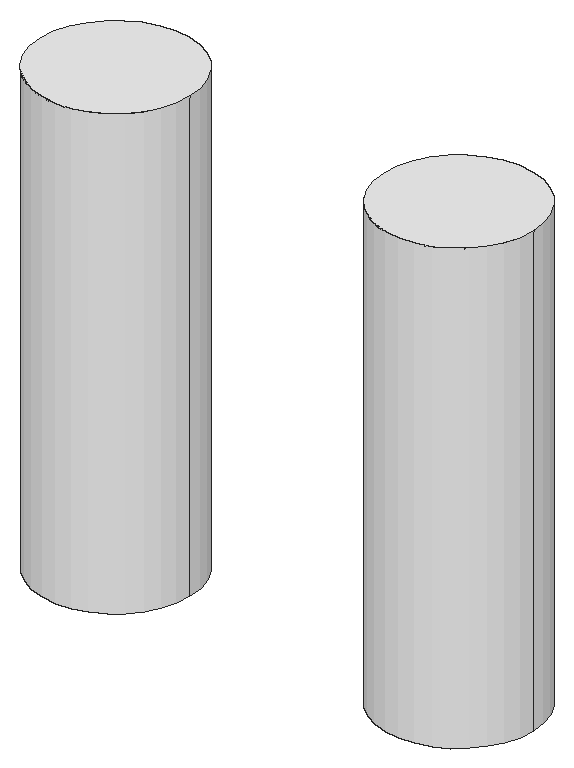
Revit family "514822930006(2022)", category Plumbing Fixtures, Revit 2018
Family settings
  Round Connector Dimension = Use Diameter
  Part Type = Normal
  OmniClass Number = 23.45.55.00
  OmniClass Title = Sanitary Faucets, Wastes
  Work Plane-Based = No
  Always vertical = Yes
  Cut with Voids When Loaded = No
  Shared = No
  Room Calculation Point = No
Parameters (values of type "514822930006 Kitchen faucet ")
  WorkingPressure = "50 - 1000 kPa"
  Working Pressure = "50 - 1000 kPa"
  WarrantyStartDate [instance] = "n/a"
  WarrantyGuarantorParts = "n/a"
  WarrantyGuarantorLabor = "n/a"
  WarrantyDurationUnit = "Year"
  WarrantyDurationParts = "n/a"
  WarrantyDurationLabor = "n/a"
  WarrantyDescription = "http://warranty.hansa.com"
  Warranty Information URL = "http://warranty.hansa.com"
  VersionDate = "01/07/2022"
  Version = "2"  # constant formula
  ValvePattern = "n/a"
  ValveOperation = "n/a"
  ValveMechanism = "n/a"
  Uniclass2015Reference = "Pr_40_20_87_96"
  Uniclass2015Description = "Washbasin manual water supply sets"
  Uniclass2 = "Pr_40_30_96_96"
  URL REACH = "http://static.hansa.com/doc/reach"
  URL KIWA = "http://static.hansa.com/Kiwa/514822930006"
  URL Declaration of Conformity = "http://static.hansa.com/DoC/514822930006"
  URL DVGW = "http://static.hansa.com/DVGW/514822930006"
  URL = ""
  UNSPSC Class Number = "30181700 Faucets or taps"
  TestPressure = "n/a"
  Temperature Adjustments = "Limitation option for maximum temperature and flow-rate "
  Temperature = "Temperature limiter"
  Technical DataSheet URL = "http://www.hansa.com/datasheet/514822930006/en"
  TagNumber [instance] = "n/a"
  SustainabilityPerformance = "n/a"
  Surface treatment = "Chrome"
  Spout Type = "Swivel spout"
  Spout Swivel Range = "120° (80° / 40°)"
  Spout Projection = "215 mm"
  Spare-Part Information URL = "http://static.hansa.com/sp/514822930006"
  Size = "51x255x168 mm"
  Shape = "Sculptured"
  SerialNumber [instance] = "n/a"
  Sales Package dimensions (LxWxH) = "362 x 278 x 63"
  Revision = "2"  # constant formula
  ReplacementCost = "n/a"
  ProductInformation = "Kitchen faucet with swivel spout and aerator"
  Product URL = "http://static.hansa.com/514822930006"
  Product Image URL = "http://static.hansa.com/image/514822930006"
  Product Family = "HANSAPOLO Eco"
  Product Code = "514822930006"
  OperatingMechanismMaterial = "n/a"
  NominalWidth = 51 mm
  NominalHeight = 168 mm
  NominalDepth = 255 mm
  Noise Class = "I (ISO 3822)"
  Name_en = "514822930006 Kitchen faucet"
  Name = "514822930006 Kitchen faucet"
  NBSReference = "45-35-70/371"
  NBSDescription = "Water supply fittings for wash basins and troughs"
  Mounting Holes = "1 hole"
  ModelReference = "514822930006"
  ModelNumber = "n/a"
  Model = "514822930006 Kitchen faucet"
  Mobile Product Information URL = "http://mpi.hansa.com/514822930006"
  Mechanical Parts = "ø 35 mm ceramic cartridge for flow and temperature control"
  Max. Hot Water Supply = 70 °C
  Material = "Brass"
  Market = "International;Germany;Austria;Belgium;Netherlands;Czech Republic;Slovakia;Italy"
  ManufacturerURL = "http://www.hansa.com"
  ManufacturerName = "HANSA"
  Manufacturer = "HANSA"
  Lever Handle = "Single operating lever/handle;Hot/Cold symbols"
  Interactive AR View URL = "https://static.hansa.com/AR/514822930006"
  InstallationDate [instance] = "n/a"
  Installation and Maintenance Guide URL = "http://static.hansa.com/manual/514822930006"
  Installation Type = "Deck mounted"
  InletConnectionSize = 10 mm
  IfcExportType = "FAUCET"  # constant formula
  IfcExportAs = "IfcValveType"  # constant formula
  Group = "Kitchen faucet"
  Grade = "n/a"
  FlowCoefficient = 0
  Flow Rate At 300kPa With Flow Controller = 0.01 L/s
  Flow Rate At 300kPa = 0.01 L/s
  Flow Drawing URL = "http://static.hansa.com/flowchart/514822930006"
  Finish = "Polished"
  Features = "Single-lever"
  FaucetMainMaterial = Brass
  FDV Document URL = "http://www.hansa.com/datasheet/514822930006/en/fdv"
  ExpectedLife = "n/a"
  ETIM Class Number = "EC011431 Kitchen mixing tap"
  EN Standard = "EN 817"
  EAN Number = "4057304018459"
  DurationUnit = "Year"
  Dimension Drawing URL = "http://static.hansa.com/dimdrw/514822930006"
  Description = "Kitchen faucet with swivel spout and aerator"
  DefaultElevation [instance] = 900 mm
  Constituents = "Single lever, swivel spout, aerator, temperature limiter"
  Connection Size = "G3/8"
  Connection = "Flexible inlet pipes"
  Color = "Chrome"
  CodePerformance = "n/a"
  CloseOffRating = 0
  Catalog Drawing URL = "http://static.hansa.com/catdrw/514822930006"
  Brand = "HANSA"
  BodyMaterial = "Brass"
  Barcode [instance] = "n/a"
  Backflow Prevention EN1717 = "AA"
  BIMObjectName = "514822930006(2022)"
  Author = "BIMStone"
  AssetType = "Fixed"
  AssetIdentifier [instance] = "n/a"
  Approval KIWA = "K6116/08"
  Approval DVGW = "NW-6506BP0361"
  Aerator = "Standard aerator"
  Advanced Features = "Inner body made of DZR brass"
  AccessibilityPerformance = "n/a"
  3D View = "https://static.hansa.com/3D/514822930006"
  2D/3D/BIM Files URL = "http://static.hansa.com/bim/514822930006"
Reference planes
  plane 1 "Center (Front/Back)": y = 0
  plane 2: z = 0
  plane 3 "Center (Left/Right)": x = 0
  plane 4: x = -25.5
  plane 5: z = 1068
  plane 6: z = 900
  plane 7: z = 870
  plane 8: y = -255
  plane 9: x = 25.5
Forms (mm)
  Extrusion 1, solid, material "Brass" <- "FaucetMainMaterial"
    sketch origin (0, 0, 0) x (1, 0, 0) y (0, 1, 0)
      loop
        circle (-11.5, -22.5) r 5
      loop
        circle (11.5, -22.5) r 5
    from 870 to 900
Dimensions and locks
  "NominalHeight": plane 5 to plane 6
  "DefaultElevation": plane 6 to level
  locked: plane 6 to plane 7 at 30
  "NominalDepth": plane 8 to plane 1 "Center (Front/Back)"
  equal spacing: plane 4, plane 3 "Center (Left/Right)", plane 9
  "NominalWidth": plane 4 to plane 9
  "InletConnectionSize": diameter of Extrusion 1 sketch curve  (x2)
  aligned and locked: level to plane 2
  aligned and locked: plane 6 to Extrusion 1
  aligned and locked: Extrusion 1 to plane 7
  aligned and locked: plane 3 "Center (Left/Right)" to nested 2
  aligned and locked: plane 1 "Center (Front/Back)" to nested 2
  aligned and locked: plane 6 to nested 2
Automatic sketch dimensions
  Extrusion 1 sketch curve to plane 3 "Center (Left/Right)" = 11.5 mm
  plane 3 "Center (Left/Right)" to Extrusion 1 sketch curve = 11.5 mm
  plane 1 "Center (Front/Back)" to Extrusion 1 sketch curve = 22.5 mm  (x2)
Nested families
  nested 1: "Symbol" at (0, 0, 0), type "Symbol", detail levels coarse
  nested 2: "514822930006(2022)_p" at (0, 0, 900), Material <- "FaucetMainMaterial", type "514822930006(2022)_p"
    with Material Brass
Connectors
  piping at (-11.5, -22.5, 870), diameter 10, driven by "InletConnectionSize"
    settings: on Extrusion 1, index 1, connector inside diameter 609.6 mm, connector length 0 mm, flow factor 0, pipe flow 0.0 L/s, pressure drop 0.0 Pa, fitting loss kfactor 0, connector angle 0.00°, fixture units 0, engagement length 0 mm, angle of deflection 0.00°, flow configuration 1, flow direction 1, fitting loss method 0, system type 19, joint type 0, gender type 0, connector reference index -1, connector utility 0, adjustable connector no, is connector primary yes, connector description ""
  piping at (11.5, -22.5, 870), diameter 10, driven by "InletConnectionSize"
    settings: on Extrusion 1, index 2, connector inside diameter 609.6 mm, connector length 0 mm, flow factor 0, pipe flow 0.0 L/s, pressure drop 0.0 Pa, fitting loss kfactor 0, connector angle 0.00°, fixture units 0, engagement length 0 mm, angle of deflection 0.00°, flow configuration 1, flow direction 1, fitting loss method 0, system type 20, joint type 0, gender type 0, connector reference index -1, connector utility 0, adjustable connector no, is connector primary no, connector description ""
Definition of nested family "Symbol"
  Reference planes
    plane 1: y = 0
    plane 2: x = 0
  Lines and regions (mm)
    detail lines
      curve 1: line (0, 0, 0) -> (0, -1.8, 0)
      curve 2: line (-0.4, -1.1, 0) -> (0.4, -1.1, 0)
      curve 3: line (-0.4, -1.4, 0) -> (0.4, -1.4, 0)
      curve 4: line (0.863, 0, 0) -> (-0.863, 0, 0)
      curve 5: circle (-1.163, 0, 0) r 0.3 normal (0, 0, -1)
      curve 6: circle (1.163, 0, 0) r 0.3 normal (0, 0, 1)
Definition of nested family "514822930006(2022)_p"
  Parameters (values of type "514822930006(2022)_p")
    Material [instance] = none
  Reference planes
    plane 1 "Center (Front/Back)": y = 0
    plane 2: z = 0
    plane 3 "Center (Left/Right)": x = 0
    plane 4: x = -25.5
    plane 5: z = 168
    plane 6: z = 0
    plane 7: y = -255
    plane 8: x = 25.5
  Forms (mm)
    Extrusion 1, solid, material <- "Material", detail levels medium
      sketch origin (0, 0, -900) x (0, 1, 0) y (0, 0, 1)
        loop
          line (0, 900) -> (0, 1058.08) -> (-61.322, 1065.36) -> (-111.697, 1068)
          arc (-111.697, 1068) -> (-112.791, 1067.626) -> (-113.167, 1066.532) r 1.316
          line (-113.167, 1066.532) -> (-112.909, 1064.448)
          arc (-112.909, 1064.448) -> (-111.629, 1061.855) -> (-109.013, 1060.622) r 4.388
          line (-109.013, 1060.622) -> (-51, 1054.525) -> (-51, 993.034)
          arc (-51, 993.034) -> (-52.761, 993.574) -> (-54.465, 994.275) r 19.937
          line (-54.465, 994.275) -> (-135.431, 1032.03)
          arc (-135.431, 1032.03) -> (-162.315, 1042.283) -> (-190.393, 1048.572) r 200
          line (-190.393, 1048.572) -> (-248.818, 1057.304)
          arc (-248.818, 1057.304) -> (-251.086, 1056.882) -> (-252.314, 1054.93) r 2.875
          line (-252.314, 1054.93) -> (-255, 1037.009) -> (-252.234, 1036.594) -> (-252.899, 1032.154) -> (-229.163, 1028.596) -> (-228.347, 1034.037) -> (-193.277, 1028.781)
          arc (-193.277, 1028.781) -> (-168.045, 1023.121) -> (-143.883, 1013.904) r 180
          line (-143.883, 1013.904) -> (-51, 970.592) -> (-51, 900) -> (0, 900)
      from 25.5 to -25.5
    Extrusion 2, solid, detail levels coarse
      sketch origin (0, 0, -900) x (1, 0, 0) y (0, 1, 0)
        loop
          line (-25.5, 0) -> (-25.5, -255) -> (25.5, -255) -> (25.5, 0) -> (-25.5, 0)
      from 900 to 1068
  Lines and regions (mm)
    symbolic lines, detail levels medium+fine
      curve 1: line (0, 0, 0) -> (0, -51, 0)
      curve 2: line (0, -51, 0) -> (0, -51, 47.5)
      curve 3: line (0, -50.702, 70.453) -> (0, -143.883, 113.904)
      curve 4: arc (0, -143.883, 113.904) -> (0, -168.045, 123.121) -> (0, -193.277, 128.781) r 180
      curve 5: line (0, -193.277, 128.781) -> (0, -225.171, 133.561)
      curve 6: line (0, -229.163, 128.596) -> (0, -228.497, 133.037)
      curve 7: line (0, -252.234, 136.594) -> (0, -252.899, 132.154)
      curve 8: line (0, -252.899, 132.154) -> (0, -229.163, 128.596)
      curve 10: line (0, -225.321, 132.561) -> (0, -225.171, 133.561)
      curve 11: line (0, -252.234, 136.594) -> (0, -255, 137.009)
      curve 12: line (0, -255, 137.009) -> (0, -252.314, 154.93)
      curve 13: arc (0, -252.314, 154.93) -> (0, -251.086, 156.882) -> (0, -248.818, 157.304) r 2.875
      curve 14: line (0, -248.818, 157.304) -> (0, -190.393, 148.572)
      curve 15: arc (0, -190.393, 148.572) -> (0, -162.315, 142.283) -> (0, -135.431, 132.03) r 200
      curve 16: line (0, -135.431, 132.03) -> (0, -54.465, 94.275)
      curve 17: arc (0, -54.465, 94.275) -> (0, -52.475, 93.474) -> (0, -50.41, 92.892) r 19.937
      curve 18: line (0, -50.007, 123.96) -> (0, -50.41, 92.892)
      curve 19: line (0, -50.702, 70.453) -> (0, -51, 47.5)
      curve 20: line (0, 0, 0) -> (0, 0, 47.5)
      curve 21: line (0, -0.993, 123.96) -> (0, 0, 47.5)
      curve 23: line (0, -228.497, 133.037) -> (0, -225.321, 132.561)
      curve 24: line (0, -0.993, 123.96) -> (0, -2.721, 123.96)
      curve 25: line (0, -49.846, 126.8) -> (0, -48.006, 126.8)
      curve 27: line (0, -48.304, 123.96) -> (0, -48.006, 126.8)
      curve 28: arc (0, -6.504, 135.604) -> (0, -3.769, 130.056) -> (0, -2.721, 123.96) r 21.584
      curve 29: line (0, -49.846, 126.8) -> (0, -48.267, 149.382)
      curve 30: arc (0, -48.267, 149.382) -> (0, -49.483, 153.016) -> (0, -52.912, 154.725) r 5.006
      curve 31: line (0, -52.912, 154.725) -> (0, -109.013, 160.622)
      curve 32: arc (0, -109.013, 160.622) -> (0, -111.629, 161.855) -> (0, -112.909, 164.448) r 4.388
      curve 33: line (0, -112.909, 164.448) -> (0, -113.167, 166.532)
      curve 34: arc (0, -113.167, 166.532) -> (0, -112.791, 167.626) -> (0, -111.697, 168) r 1.316
      curve 35: line (0, -111.697, 168) -> (0, -61.322, 165.36)
      curve 36: line (0, -61.322, 165.36) -> (0, -4.446, 158.607)
      curve 37: arc (0, -4.446, 158.607) -> (0, -3.316, 157.974) -> (0, -2.965, 156.728) r 1.691
      curve 38: line (0, -2.965, 156.728) -> (0, -1.647, 137.869)
      curve 39: line (0, -6.504, 135.604) -> (0, -1.647, 137.869)
      curve 41: line (0, -48.304, 123.96) -> (0, -50.007, 123.96)
      curve 43: line (25.5, 0, 0) -> (-25.5, 0, 0)
      curve 44: line (-25.5, 0, 0) -> (-25.5, 0, 47.56)
      curve 45: line (-25.5, 0, 47.56) -> (-24.495, 0, 123.96)
      curve 46: line (-24.362, 0, 126.797) -> (-22.506, 0, 126.797)
      curve 47: line (-24.495, 0, 123.96) -> (-22.754, 0, 123.96)
      curve 48: line (-24.362, 0, 126.797) -> (-21.794, 0, 158.814)
      curve 49: arc (-21.794, 0, 158.814) -> (-21.406, 0, 159.899) -> (-20.524, 0, 160.641) r 2.211
      curve 50: arc (-20.524, 0, 160.641) -> (-18.448, 0, 161.525) -> (-16.319, 0, 162.269) r 33.994
      curve 51: arc (-16.319, 0, 162.269) -> (-15.779, 0, 162.579) -> (-15.419, 0, 163.089) r 1.442
      curve 52: arc (-15.419, 0, 163.089) -> (-13.815, 0, 165.638) -> (-11.468, 0, 167.527) r 9.139
      curve 53: arc (-11.468, 0, 167.527) -> (-10.657, 0, 167.864) -> (-9.789, 0, 168) r 3.707
      curve 54: line (-9.789, 0, 168) -> (0, 0, 168)
      curve 55: line (-22.506, 0, 126.797) -> (-22.754, 0, 123.96)
      curve 59: line (25.5, 0, 0) -> (25.5, 0, 47.56)
      curve 60: line (25.5, 0, 47.56) -> (24.495, 0, 123.96)
      curve 61: line (24.362, 0, 126.797) -> (22.506, 0, 126.797)
      curve 62: line (24.495, 0, 123.96) -> (22.754, 0, 123.96)
      curve 63: line (24.362, 0, 126.797) -> (21.794, 0, 158.814)
      curve 64: arc (21.794, 0, 158.814) -> (21.406, 0, 159.899) -> (20.524, 0, 160.641) r 2.211
      curve 65: arc (20.524, 0, 160.641) -> (18.448, 0, 161.525) -> (16.319, 0, 162.269) r 33.994
      curve 66: arc (16.319, 0, 162.269) -> (15.779, 0, 162.579) -> (15.419, 0, 163.089) r 1.442
      curve 67: arc (15.419, 0, 163.089) -> (13.815, 0, 165.638) -> (11.468, 0, 167.527) r 9.139
      curve 68: arc (11.468, 0, 167.527) -> (10.657, 0, 167.864) -> (9.789, 0, 168) r 3.707
      curve 69: line (9.789, 0, 168) -> (0, 0, 168)
      curve 70: line (22.506, 0, 126.797) -> (22.754, 0, 123.96)
      curve 83: line (-15, -239.534, 0) -> (-15, -59.645, 0)
      curve 84: line (15, -239.534, 0) -> (15, -59.645, 0)
      curve 85: spline (-15, -239.534, 0) -> (-14.489, -243.537, 0) -> (-12.99, -247.267, 0) -> (-10.607, -250.47, 0) -> (-7.5, -252.928, 0) -> (-3.882, -254.473, 0) -> (0, -255, 0) -> (3.882, -254.473, 0) -> (7.5, -252.928, 0) -> (10.607, -250.47, 0) -> (12.99, -247.267, 0) -> (14.489, -243.537, 0) -> (15, -239.534, 0)
      curve 91: arc (-15.824, -46.935, 0) -> (-15.892, -46.144, 0) -> (-15.994, -45.357, 0) r 18.815
      curve 95: arc (15.832, -46.938, 0) -> (15.9, -46.152, 0) -> (16.001, -45.369, 0) r 18.811
      curve 96: line (-15, -59.645, 0) -> (-15.824, -46.935, 0)
      curve 97: line (15, -59.645, 0) -> (15.832, -46.938, 0)
      curve 98: arc (16.001, -45.369, 0) -> (0.021, -0.018, 0) -> (-15.994, -45.357, 0) r 25.494
    symbolic lines, detail levels fine
      curve 9: line (0, -252.234, 136.594) -> (0, -228.497, 133.037)
      curve 22: line (0, 0, 47.5) -> (0, -51, 47.5)
      curve 26: line (0, -25.383, 126.8) -> (0, -6.504, 135.604)
      curve 40: line (0, -48.006, 126.8) -> (0, -25.383, 126.8)
      curve 42: line (0, -2.721, 123.96) -> (0, -48.304, 123.96)
      curve 56: line (-15, 0, 70.474) -> (-15, 0, 154.085)
      curve 57: line (-22.506, 0, 126.797) -> (-15, 0, 126.797)
      curve 58: line (-22.754, 0, 123.96) -> (-15, 0, 123.96)
      curve 71: line (22.506, 0, 126.797) -> (15, 0, 126.797)
      curve 72: line (22.754, 0, 123.96) -> (15, 0, 123.96)
      curve 73: line (-25.5, 0, 47.56) -> (25.5, 0, 47.56)
      curve 74: spline (-15, 0, 154.085) -> (-14.489, 0, 154.949) -> (-12.99, 0, 155.755) -> (-10.607, 0, 156.447) -> (-7.5, 0, 156.978) -> (-3.882, 0, 157.312) -> (0, 0, 157.426) -> (3.882, 0, 157.312) -> (7.5, 0, 156.978) -> (10.607, 0, 156.447) -> (12.99, 0, 155.755) -> (14.489, 0, 154.949) -> (15, 0, 154.085)
      curve 75: arc (-13.012, 0, 68.978) -> (-14.379, 0, 69.231) -> (-15, 0, 70.474) r 1.557
      curve 76: arc (13.012, 0, 68.978) -> (14.379, 0, 69.231) -> (15, 0, 70.474) r 1.557
      curve 77: arc (-13.012, 0, 68.978) -> (0, 0, 70.816) -> (13.012, 0, 68.978) r 47.003
      curve 78: spline (11.961, 0, 130.3) -> (11.554, 0, 129.845) -> (10.359, 0, 129.421) -> (8.458, 0, 129.058) -> (5.981, 0, 128.778) -> (3.096, 0, 128.603) -> (0, 0, 128.543) -> (-3.096, 0, 128.603) -> (-5.981, 0, 128.778) -> (-8.458, 0, 129.058) -> (-10.359, 0, 129.421) -> (-11.554, 0, 129.845) -> (-11.961, 0, 130.3) -> (-11.554, 0, 130.754) -> (-10.359, 0, 131.178) -> (-8.458, 0, 131.542) -> (-5.981, 0, 131.821) -> (-3.096, 0, 131.997) -> (0, 0, 132.056) -> (3.096, 0, 131.997) -> (5.981, 0, 131.821) -> (8.458, 0, 131.542) -> (10.359, 0, 131.178) -> (11.554, 0, 130.754) -> (11.961, 0, 130.3)
      curve 79: spline (-11.961, 0, 134.779) -> (-11.554, 0, 135.234) -> (-10.359, 0, 135.658) -> (-8.458, 0, 136.021) -> (-5.981, 0, 136.301) -> (-3.096, 0, 136.476) -> (0, 0, 136.536) -> (3.096, 0, 136.476) -> (5.981, 0, 136.301) -> (8.458, 0, 136.021) -> (10.359, 0, 135.658) -> (11.554, 0, 135.234) -> (11.961, 0, 134.779)
      curve 80: line (-11.961, 0, 130.3) -> (-11.961, 0, 134.779)
      curve 81: line (11.961, 0, 134.779) -> (11.961, 0, 130.3)
      curve 82: spline (11.961, 0, 133.769) -> (14.424, 0, 134.526) -> (14.937, 0, 135.369) -> (13.431, 0, 136.183) -> (10.109, 0, 136.859) -> (5.421, 0, 137.304) -> (0, 0, 137.46) -> (-5.421, 0, 137.304) -> (-10.109, 0, 136.859) -> (-13.431, 0, 136.183) -> (-14.937, 0, 135.369) -> (-14.424, 0, 134.526) -> (-11.961, 0, 133.769)
      curve 86: spline (-15, -239.534, 0) -> (-14.489, -242.782, 0) -> (-12.99, -245.808, 0) -> (-10.607, -248.407, 0) -> (-7.5, -250.401, 0) -> (-3.882, -251.655, 0) -> (0, -252.082, 0) -> (3.882, -251.655, 0) -> (7.5, -250.401, 0) -> (10.607, -248.407, 0) -> (12.99, -245.808, 0) -> (14.489, -242.782, 0) -> (15, -239.534, 0)
      curve 87: arc (19.099, -37.489, 0) -> (0, -2.95, 0) -> (-19.099, -37.489, 0) r 22.55
      curve 88: line (0, -113.165, 0) -> (-6.461, -113.165, 0)
      curve 89: arc (-6.461, -113.165, 0) -> (-10.086, -111.77, 0) -> (-11.84, -108.304, 0) r 5.407
      curve 90: line (-11.84, -108.304, 0) -> (-15, -59.645, 0)
      curve 92: line (0, -113.165, 0) -> (6.461, -113.165, 0)
      curve 93: arc (6.461, -113.165, 0) -> (10.086, -111.77, 0) -> (11.84, -108.304, 0) r 5.407
      curve 94: line (11.84, -108.304, 0) -> (15, -59.645, 0)
      curve 99: arc (-19.099, -37.489, 0) -> (-17.182, -41.279, 0) -> (-15.994, -45.357, 0) r 23.03
      curve 100: arc (19.099, -37.489, 0) -> (17.182, -41.279, 0) -> (15.994, -45.357, 0) r 23.03
      curve 101: line (15, 0, 70.474) -> (15, 0, 154.085)
      curve 102: line (-15.779, 0, 162.579) -> (-15.779, 0, 158.287)
      curve 103: arc (-15.779, 0, 158.287) -> (-15.347, 0, 156.539) -> (-14.151, 0, 155.193) r 3.756
      curve 104: line (15.779, 0, 162.579) -> (15.779, 0, 158.287)
      curve 105: arc (15.779, 0, 158.287) -> (15.347, 0, 156.539) -> (14.151, 0, 155.193) r 3.756
  Dimensions and locks
    aligned and locked: level to plane 2
    aligned and locked: plane 6 to import instance
    aligned and locked: plane 5 to Extrusion 2
    aligned and locked: Extrusion 2 to plane 6
